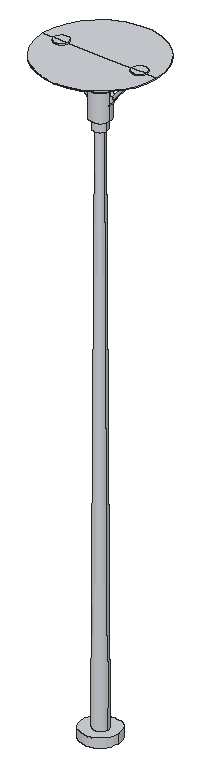
Revit family "77210_HOST_GND", category Lighting Fixtures, host Floor, Revit 2012
Parameters (values of type "Pole Top Luminaires")
  Wattage Comments = "40W"
  Wattage = 31.6409 W
  built-in parameter 1150110 = 1 (stored number, unit not read)
  URL = "www.bega-us.com"
  built-in parameter 1114217 = 1 (stored number, unit not read)
  Tilt Angle = 90.00°
  built-in parameter 1150109 = 1 (stored number, unit not read)
  built-in parameter 1150134 = 2
  Telephone = "805.684.0533"
  built-in parameter 1150113 = 1 (stored number, unit not read)
  Pole Note = "See website for recommended pole options (1508HR - 16' shown)."
  Photometric Web File = "77210.IES"
  Model = "77210"
  Manufacturer = "BEGA-US"
  built-in parameter 1150105 = 374.01 (stored number, unit not read)
  Lumens = 4700 lm
  built-in parameter 1150115 = 1 (stored number, unit not read)
  built-in parameter 1150137 = (empty or 0)
  built-in parameter 1150139 = (empty or 0)
  built-in parameter 1150112 = 1 (stored number, unit not read)
  built-in parameter 1150114 = 1 (stored number, unit not read)
  Lamp = "40W LED"
  built-in parameter 1150132 = 2
  built-in parameter 1150102 = (empty or 0)
  built-in parameter 1150107 = 5000 (stored number, unit not read)
  built-in parameter 1150138 = (empty or 0)
  built-in parameter 1150106 = 3.7401 (stored number, unit not read)
  built-in parameter 1150104 = 13.8 (stored number, unit not read)
  Dimming Lamp Color Temperature Shift = <None>
  Description = "Pole top - indirect"
  Color Filter = 16777215
  built-in parameter 1114218 = 1 (stored number, unit not read)
  built-in parameter 1150133 = 10 (stored number, unit not read)
Reference planes (in)
  plane 1 "Center (Front/Back)": y = 0
  plane 2: z = 0
  plane 3 "Center (Left/Right)": x = 0
Dimensions and locks (in)
  equal spacing: host sketch curve, plane 1 "Center (Front/Back)", host sketch curve
  equal spacing: host sketch curve, plane 3 "Center (Left/Right)", host sketch curve
  host sketch curve to host sketch curve = 10' - 0"  (x2)
  aligned and locked: level to plane 2
Nested families (in)
  nested 1: "7210LED" at (0, 0, 0), type "Pole Top Luminaires - Indirect"
Connectors (in)
  electrical at (0, 0, 0)
    settings: index 1, voltage 0 V, apparent load 0 VA, apparent load phase1 0 VA, apparent load phase2 0 VA, apparent load phase3 0 VA, power factor 1, load classification "Other", number of poles 1, system type 31, power factor state 1, is connector primary yes, connector utility no, sub classification motor no, connector description ""
Definition of nested family "7210LED"
  Parameters (values of type "Pole Top Luminaires - Indirect")
    Wattage Comments = ""
    URL = "http://www.bega-us.com"
    Telephone = "805.684.0533"
    Reflector Tilt = "Reflector can be tilted to 30 degrees to give asymmetrical light distribution"
    Pole Note = "See website for recommended pole options (1508 - 15' 8\" shown)"
    Model = "7210LED"
    Manufacturer = "BEGA-US"
    Lamp = "40W LED"
    Description = "Pole top - indirect"
  Reference planes (in)
    plane 1 "Light Source Axis (F/B)": y = 0
    plane 2: z = 0
    plane 3 "Light Source Axis (L/R)": x = 0
    plane 4 "Light Source Elevation": z = 210.84854
  Forms (in)
    Extrusion 1, solid
      sketch origin (0, 0, 0) x (1, 0, 0) y (0, 1, 0)
        loop
          circle (0, 0) r 6.3125
      from 0 to 3
    Blend 2, solid
      base sketch origin (0, 0, 0) x (1, 0, 0) y (0, 1, 0)
        loop
          circle (0, 0) r 2.5
      top sketch origin (0, 0, 0) x (1, 0, 0) y (0, 1, 0)
        loop
          circle (0, 0) r 1.5
      from 0 to 192
    Revolve 3, void
      sketch origin (0, 0, 0) x (1, 0, 0) y (0, 0, 1)
        loop
          line (0, 0) -> (0, -17) -> (6, -17) -> (6, 0) -> (0, 0)
        axis (0, 0) -> (0, -17)
      angle from 0 to 360
    Revolve 4, solid
      sketch origin (0, 0, 0) x (1, 0, 0) y (0, 0, 1)
        loop
          line (0, 191.875) -> (0, 188.5) -> (2.3125, 188.5) -> (2.3125, 191.875) -> (3.375, 191.875) -> (3.375, 200.9375) -> (0, 200.9375) -> (0, 191.875)
        axis (0, 200.9375) -> (0, 188.5)
      angle from 0 to 360
    Extrusion 5, solid
      sketch origin (0, 0, 0) x (1, 0, 0) y (0, 0, 1)
        loop
          line (-3.375, 200.93269) -> (-5.4375, 199.1875) -> (-3.375, 196.75) -> (-3.375, 200.93269)
        loop
          line (3.375, 200.93269) -> (3.375, 196.75) -> (5.4375, 199.1875) -> (3.375, 200.93269)
      from -0.59375 to 0.59375
    Revolve 6, solid
      sketch origin (0, 0, 0) x (1, 0, 0) y (0, 0, 1)
        loop
          line (-5.24665, 199.34899) -> (-4.89005, 199.65073) -> (-13.39319, 209.69989) -> (-13.72465, 209.36843) -> (-5.24665, 199.34899)
        axis (-4.89005, 199.65073) -> (-13.39319, 209.69989)
      angle from 0 to 360
    Revolve 7, solid
      sketch origin (0, 0, 0) x (-1, 0, 0) y (0, 0, 1)
        loop
          line (-5.24665, 199.34899) -> (-4.89005, 199.65073) -> (-13.39319, 209.69989) -> (-13.72465, 209.36843) -> (-5.24665, 199.34899)
        axis (-4.89005, 199.65073) -> (-13.39319, 209.69989)
      angle from 0 to 360
    Extrusion 8, solid
      sketch origin (0, 0, 0) x (1, 0, 0) y (0, 0, 1)
        loop
          line (-13.72465, 209.36843) -> (-12.30956, 210.59854) -> (-15.05956, 210.59854) -> (-13.86673, 209.22634) -> (-13.72465, 209.36843)
        loop
          line (13.72465, 209.36843) -> (13.86673, 209.22634) -> (15.05956, 210.59854) -> (12.30956, 210.59854) -> (13.72465, 209.36843)
      from -0.59375 to 0.59375
    Revolve 9, solid
      sketch origin (0, 0, 0) x (1, 0, 0) y (0, 0, 1)
        loop
          line (15.05956, 210.59854) -> (15.99706, 210.59854) -> (15.99706, 211.16104) -> (13.52831, 211.16104) -> (13.52831, 210.59854) -> (15.05956, 210.59854)
        axis (13.52831, 210.59854) -> (13.52831, 211.16104)
      angle from 0 to 360
    Revolve 10, solid
      sketch origin (0, 0, 0) x (-1, 0, 0) y (0, 0, 1)
        loop
          line (15.05956, 210.59854) -> (15.99706, 210.59854) -> (15.99706, 211.16104) -> (13.52831, 211.16104) -> (13.52831, 210.59854) -> (15.05956, 210.59854)
        axis (13.52831, 210.59854) -> (13.52831, 211.16104)
      angle from 0 to 360
    Revolve 11, solid
      sketch origin (0, 0, 0) x (1, 0, 0) y (0, 0, 1)
        loop
          line (0, 210.84854) -> (19.6875, 210.84854) -> (19.6875, 211.03604) -> (0, 211.03604) -> (0, 210.84854)
        axis (0, 210.84854) -> (0, 211.03604)
      angle from 0 to 360
  Dimensions and locks (in)
    aligned and locked: level to plane 2
  Connectors (in)
    electrical at (0, 0, 0)
      settings: index 1, voltage 0 V, apparent load 0 VA, apparent load phase1 0 VA, apparent load phase2 0 VA, apparent load phase3 0 VA, power factor 1, load classification "Other", number of poles 1, system type 31, power factor state 1, is connector primary yes, connector utility no, sub classification motor no, connector description ""
